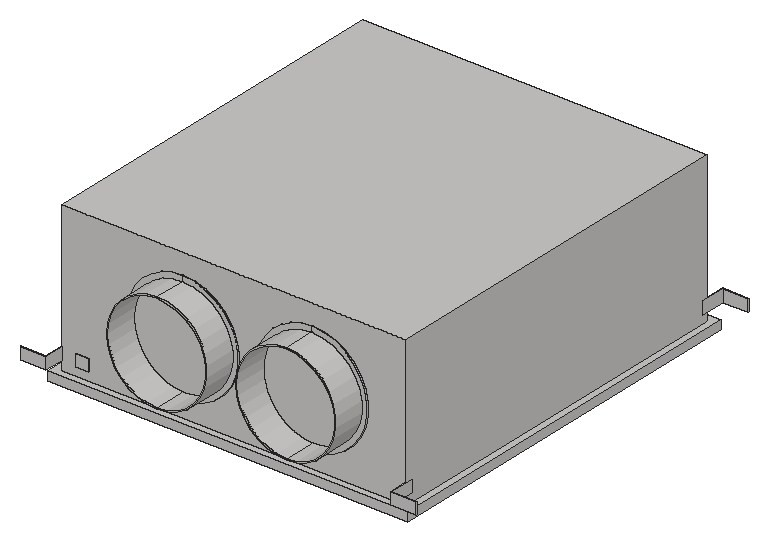
Revit family "Supply_Fan-BroanNutone-Sky-Recovery_Ventilator-ERVS100S", category Mechanical Equipment, host Face, Revit 2019
Family settings
  Host = Face
  Round Connector Dimension = Use Radius
  Part Type = Normal
  OmniClass Number = 23.75.35.17.17
  OmniClass Title = Room Air Circulation Fans
  Cut with Voids When Loaded = Yes
  Shared = No
  Room Calculation Point = No
Parameters (values of type "ERVS100S")
  Width = 20"  # constant formula
  Voltage = 120 V
  Version = ""
  URL = "https://www.broan-nutone.com/en-us"
  Support Phone = "(224) 699-9545"  # constant formula
  Support Email = "mailto:support@anguleris.com"
  Product Page URL = "https://www.broan-nutone.com/en-us/product/freshairsystems/ervs100s"
  Product Name = "Broan® Sky Series Energy Recovery Ventilator, 105 CFM at 0.4 in. w.g."  # constant formula
  Product Documentation Link = "https://www.broan-nutone.com/getmedia/86211a12-c0e0-4f30-97a9-49896e43eab2/Spec-Sheet-ERVS100S.pdf?ext=.pdf"
  Power Factor = 1
  Phase = 1
  Offset [instance] = 6"
  Number of Poles = 1
  Model = "ERVS100S"
  Material = ""
  Manufacturer Phone Number = "800-558-1711"  # constant formula
  Manufacturer Contact Information = "mailto:info@broan-nutone.com"
  Manufacturer Address = "926 W State St, Hartford, WI 53027"  # constant formula
  Manufacturer = "Broan"  # constant formula
  Length = 21 7/8"  # constant formula
  Frequency = 60 Hz
  Fan Wattage = 46 W
  Fan Body Finish = Metal - Broan NuTone - Stainless Steel
  Exhaust Radius = Exhaust Diameter / 2  # 3"
  Exhaust Diameter = 6"  # constant formula
  Supply Connector = "Supply Connection"  # constant formula
  Electrical Connector = "Electrical Connection"  # constant formula
  Description = "Broan® Sky Series Energy Recovery Ventilator, 105 CFM at 0.4 in. w.g."  # constant formula
  Default Elevation = 0"
  Copyright = "Copyright © 2021 Broan-NuTone, LLC. All Rights Reserved"  # constant formula
  Assembly Code = "E1090900"
  Air Volume = 64 CFM
Reference planes (in)
  plane 1 "Center (Front/Back)": y = 0
  plane 2 "Bottom (Ceiling)": z = 0
  plane 3 "Center (Left/Right)": x = 0
  plane 4 "Left": x = -10
  plane 5 "Right": x = 10
  plane 6 "Front": y = -10.9375
  plane 7 "Back": y = 10.9375
  plane 8 "Top": z = 6
  plane 9 "Bottom": z = 15.125
  plane 10 "Supply (Back)": x = 1.6516
  plane 11: y = 12.84375
  plane 12: y = -12.84375
  plane 13 "Supply (Front)": x = 1.07522
  plane 14: x = -1.93087
  plane 15: x = 4.08132
Forms (in)
  Extrusion 1, solid, material "Metal - Broan NuTone - Stainless Steel", detail levels fine
    sketch origin (0, 0, 0) x (1, 0, 0) y (0, 1, 0)
      loop
        line (10, 10.9375) -> (-10, 10.9375) -> (-10, -10.9375) -> (10, -10.9375) -> (10, 10.9375)
    from 6 to 15.125
  Extrusion 2, solid, material "Metal - Broan NuTone - Stainless Steel" <- "Fan Body Finish", detail levels fine
    sketch origin (0, 0, 0) x (1, 0, 0) y (0, 1, 0)
      loop
        line (10.4375, 11.375) -> (-10.4375, 11.375) -> (-10.4375, -11.375) -> (10.4375, -11.375) -> (10.4375, 11.375)
    from 6 to 6.5
  Revolve 3, solid, material "Metal - Broan NuTone - Stainless Steel" <- "Fan Body Finish"
    sketch origin (4.58132, 0, 0) x (0, 1, 0) y (0, 0, 1)
      loop
        line (11, 13.95283) -> (10.9375, 13.95283) -> (10.9375, 13.57534) -> (12.84375, 13.57534) -> (12.84375, 13.63784) -> (11, 13.63784) -> (11, 13.95283)
      axis (10.9375, 10.7201) -> (12.84375, 10.7201)
    angle from 0 to 360
  Revolve 4, solid, material "Metal - Broan NuTone - Stainless Steel" <- "Fan Body Finish"
    sketch origin (4.58132, 0, 0) x (0, -1, 0) y (0, 0, 1)
      loop
        line (11, 13.95283) -> (10.9375, 13.95283) -> (10.9375, 13.57534) -> (12.84375, 13.57534) -> (12.84375, 13.63784) -> (11, 13.63784) -> (11, 13.95283)
      axis (10.9375, 10.7201) -> (12.84375, 10.7201)
    angle from 0 to 360
  Revolve 5, solid, material "Metal - Broan NuTone - Stainless Steel" <- "Fan Body Finish"
    sketch origin (-2.93087, 0, 0) x (0, 1, 0) y (0, 0, 1)
      loop
        line (11, 13.95283) -> (10.9375, 13.95283) -> (10.9375, 13.57534) -> (12.84375, 13.57534) -> (12.84375, 13.63784) -> (11, 13.63784) -> (11, 13.95283)
      axis (10.9375, 10.7201) -> (12.84375, 10.7201)
    angle from 0 to 360
  Revolve 6, solid, material "Metal - Broan NuTone - Stainless Steel" <- "Fan Body Finish"
    sketch origin (-2.93087, 0, 0) x (0, -1, 0) y (0, 0, 1)
      loop
        line (11, 13.95283) -> (10.9375, 13.95283) -> (10.9375, 13.57534) -> (12.84375, 13.57534) -> (12.84375, 13.63784) -> (11, 13.63784) -> (11, 13.95283)
      axis (10.9375, 10.7201) -> (12.84375, 10.7201)
    angle from 0 to 360
  Extrusion 7, solid, material "Metal - Broan NuTone - Stainless Steel" <- "Fan Body Finish", detail levels fine
    sketch origin (0, 0.375, 0) x (1, 0, 0) y (0, 1, 0)
      loop
        line (-10, -10.9375) -> (-10.04759, -10.9375) -> (-10.04759, -12.38186) -> (-11.5, -12.38186) -> (-11.5, -12.4375) -> (-10, -12.4375) -> (-10, -10.9375)
    from 7.00309 to 7.69882
  Extrusion 8, solid, material "Metal - Broan NuTone - Stainless Steel" <- "Fan Body Finish", detail levels fine
    sketch origin (0, 0.375, 0) x (-1, 0, 0) y (0, -1, 0)
      loop
        line (-10, 10.9375) -> (-10, 12.4375) -> (-11.5, 12.4375) -> (-11.5, 12.38186) -> (-10.04759, 12.38186) -> (-10.04759, 10.9375) -> (-10, 10.9375)
    from 7.00309 to 7.69882
  Extrusion 9, solid, material "Metal - Broan NuTone - Stainless Steel" <- "Fan Body Finish", detail levels fine
    sketch origin (0, -0.375, 0) x (1, 0, 0) y (0, 1, 0)
      loop
        line (-10, 10.9375) -> (-10, 12.4375) -> (-11.5, 12.4375) -> (-11.5, 12.38186) -> (-10.04759, 12.38186) -> (-10.04759, 10.9375) -> (-10, 10.9375)
    from 7.00309 to 7.69882
  Extrusion 10, solid, material "Metal - Broan NuTone - Stainless Steel" <- "Fan Body Finish", detail levels fine
    sketch origin (0, -0.375, 0) x (-1, 0, 0) y (0, -1, 0)
      loop
        line (-10, -10.9375) -> (-10.04759, -10.9375) -> (-10.04759, -12.38186) -> (-11.5, -12.38186) -> (-11.5, -12.4375) -> (-10, -12.4375) -> (-10, -10.9375)
    from 7.00309 to 7.69882
  Extrusion 11, solid, material "Metal - Broan NuTone - Stainless Steel" <- "Fan Body Finish", detail levels coarse+medium
    sketch origin (0, 0, 0) x (1, 0, 0) y (0, 1, 0)
      loop
        line (10.4375, 11.375) -> (-10.4375, 11.375) -> (-10.4375, -11.375) -> (10.4375, -11.375) -> (10.4375, 11.375)
    from 6 to 15.125
  Extrusion 12, solid, material "Metal - Broan NuTone - Stainless Steel" <- "Fan Body Finish"
    sketch origin (0, 0, 0) x (1, 0, 0) y (0, 1, 0)
      loop
        line (-9.14808, -10.625) -> (-9.14808, -11) -> (-8.39808, -11) -> (-8.39808, -10.625) -> (-9.14808, -10.625)
    from 7.00309 to 7.69882
Lines and regions (in)
  symbolic lines
    curve 1: line (-1.3423, 10.9375, 0) -> (-7.35449, 10.9375, 0)
    curve 2: line (-7.93087, -10.9375, 0) -> (-1.91868, -10.9375, 0)
Dimensions and locks (in)
  equal spacing: plane 6 "Front", plane 1 "Center (Front/Back)", plane 7 "Back"
  "Length": plane 6 "Front" to plane 7 "Back"
  equal spacing: plane 4 "Left", plane 3 "Center (Left/Right)", plane 5 "Right"
  "Width": plane 4 "Left" to plane 5 "Right"
  plane 3 "Center (Left/Right)" to plane 13 "Supply (Front)" to plane 10 "Supply (Back)" = 1.07522" locked, 0.57638" locked
  locked: plane 6 "Front" to plane 12 at 1.90625
  plane 9 "Bottom" to plane 8 "Top" = 9 1/8"  (x2)
  "Offset": plane 8 "Top" to level
  locked: plane 7 "Back" to plane 11 at 1.90625
  locked: Extrusion 7 to Extrusion 8 at 23
  locked: Extrusion 7 to Extrusion 8 at 20.09519
  locked: Extrusion 9 to Extrusion 10 at 23
  locked: Extrusion 9 to Extrusion 10 at 20.09519
  locked: Extrusion 9 to Extrusion 10 at 20
  locked: Extrusion 2 to plane 8 "Top" at 0.5
  Extrusion 8 to Extrusion 7 to Extrusion 12 to Extrusion 8 to Extrusion 7 to Extrusion 12 to plane 8 "Top" = 0" locked, 0" locked, 0.69573" locked, 0" locked, 0" locked, 1.00309" locked
  Extrusion 9 to Extrusion 9 to plane 8 "Top" = 0.69573" locked, 1.00309" locked
  Extrusion 10 to Extrusion 10 to plane 8 "Top" = 0.69573" locked, 1.00309" locked
  aligned and locked: plane 2 "Bottom (Ceiling)" to host face
  aligned and locked: level to host face
  aligned and locked: Extrusion 1 sketch curve to plane 7 "Back"
  aligned and locked: Extrusion 1 sketch curve to plane 4 "Left"
  aligned and locked: plane 5 "Right" to Extrusion 1 sketch curve
  aligned and locked: plane 6 "Front" to Extrusion 1 sketch curve
  aligned and locked: plane 9 "Bottom" to Extrusion 1
  aligned and locked: Extrusion 1 to plane 8 "Top"
  aligned and locked: Revolve 3 to plane 11
  aligned and locked: Revolve 5 to plane 11
  aligned and locked: Revolve 6 to plane 12
  aligned and locked: Revolve 4 to plane 12
  aligned and locked: plane 6 "Front" to Revolve 4
  aligned and locked: plane 6 "Front" to Revolve 6
  aligned and locked: Revolve 3 to plane 7 "Back"
  aligned and locked: Revolve 5 to plane 7 "Back"
  aligned and locked: plane 9 "Bottom" to Extrusion 11
  aligned and locked: Extrusion 11 to plane 8 "Top"
  aligned and locked: Extrusion 2 to plane 8 "Top"
Automatic sketch dimensions
  curve 2 to plane 6 "Front" = 0"
  plane 7 "Back" to curve 1 = 0"
  plane 4 "Left" to curve 2 = 2.06913"
  plane 4 "Left" to curve 1 = 2.64551"
  curve 2 to plane 14 = 0.01219"
  curve 1 to plane 14 = 0.58857"
  host sketch curve to host sketch curve = 24"  (x2)
  Extrusion 2 sketch curve to plane 4 "Left" = 7/16"
  Extrusion 2 sketch curve to plane 5 "Right" = 7/16"
  Extrusion 2 sketch curve to plane 6 "Front" = 7/16"
  Extrusion 2 sketch curve to plane 7 "Back" = 7/16"
  Revolve 3 sketch curve to plane 7 "Back" = 0"  (x2)
  Revolve 3 sketch curve to plane 11 = 0"
  plane 7 "Back" to Revolve 3 sketch curve = 1/16"
  plane 9 "Bottom" to Revolve 3 sketch curve = 1.54966"
  Revolve 3 sketch curve to Revolve 3 sketch curve = 1/16"
  Revolve 3 sketch curve to Revolve 3 sketch curve = 0.31499"
  plane 11 to Revolve 3 sketch curve = 1.73044"
  Revolve 3 sketch curve to Revolve 3 sketch curve = 2.85524"
  Revolve 4 sketch curve to plane 6 "Front" = 0"  (x2)
  Revolve 4 sketch curve to plane 12 = 0"
  Revolve 4 sketch curve to plane 6 "Front" = 1/16"
  Revolve 4 sketch curve to plane 9 "Bottom" = 1.54966"
  Revolve 4 sketch curve to Revolve 4 sketch curve = 1/16"
  Revolve 4 sketch curve to Revolve 4 sketch curve = 0.31499"
  Revolve 4 sketch curve to plane 12 = 0.1863"
  Revolve 4 sketch curve to Revolve 4 sketch curve = 2.85524"
  Revolve 5 sketch curve to plane 7 "Back" = 0"  (x2)
  Revolve 5 sketch curve to plane 11 = 0"
  plane 7 "Back" to Revolve 5 sketch curve = 1/16"
  plane 9 "Bottom" to Revolve 5 sketch curve = 1.54966"
  Revolve 5 sketch curve to Revolve 5 sketch curve = 1/16"
  Revolve 5 sketch curve to Revolve 5 sketch curve = 0.31499"
  plane 11 to Revolve 5 sketch curve = 1.73044"
  Revolve 5 sketch curve to Revolve 5 sketch curve = 2.85524"
  Revolve 6 sketch curve to plane 6 "Front" = 0"  (x2)
  Revolve 6 sketch curve to plane 12 = 0"
  Revolve 6 sketch curve to plane 6 "Front" = 1/16"
  Revolve 6 sketch curve to plane 9 "Bottom" = 1.54966"
  Revolve 6 sketch curve to Revolve 6 sketch curve = 1/16"
  Revolve 6 sketch curve to Revolve 6 sketch curve = 0.31499"
  Revolve 6 sketch curve to plane 12 = 0.1863"
  Revolve 6 sketch curve to Revolve 6 sketch curve = 2.85524"
  plane 6 "Front" to Extrusion 7 sketch curve = 3/8"
  Extrusion 7 sketch curve to plane 4 "Left" = 0"
  Extrusion 7 sketch curve to plane 4 "Left" = 0.04759"
  Extrusion 7 sketch curve to plane 12 = 0.83689"
  Extrusion 7 sketch curve to Extrusion 7 sketch curve = 1.45241"
  Extrusion 7 sketch curve to Extrusion 7 sketch curve = 0.05564"
  Extrusion 8 sketch curve to plane 6 "Front" = 3/8"
  Extrusion 8 sketch curve to plane 5 "Right" = 0"
  Extrusion 8 sketch curve to Extrusion 8 sketch curve = 0.04759"
  plane 12 to Extrusion 8 sketch curve = 0.83689"
  Extrusion 8 sketch curve to Extrusion 8 sketch curve = 1.45241"
  Extrusion 8 sketch curve to Extrusion 8 sketch curve = 0.05564"
  Extrusion 9 sketch curve to plane 7 "Back" = 3/8"
  Extrusion 9 sketch curve to plane 4 "Left" = 0"
  Extrusion 9 sketch curve to Extrusion 9 sketch curve = 0.04759"
  Extrusion 9 sketch curve to plane 11 = 0.83689"
  Extrusion 9 sketch curve to Extrusion 9 sketch curve = 1.45241"
  Extrusion 9 sketch curve to Extrusion 9 sketch curve = 0.05564"
  plane 7 "Back" to Extrusion 10 sketch curve = 3/8"
  Extrusion 10 sketch curve to plane 5 "Right" = 0"
  Extrusion 10 sketch curve to Extrusion 10 sketch curve = 0.04759"
  plane 11 to Extrusion 10 sketch curve = 0.83689"
  Extrusion 10 sketch curve to Extrusion 10 sketch curve = 1.45241"
  Extrusion 10 sketch curve to Extrusion 10 sketch curve = 0.05564"
  Extrusion 11 sketch curve to plane 4 "Left" = 7/16"
  Extrusion 11 sketch curve to plane 5 "Right" = 7/16"
  Extrusion 11 sketch curve to plane 6 "Front" = 7/16"
  Extrusion 11 sketch curve to plane 7 "Back" = 7/16"
  plane 6 "Front" to Extrusion 12 sketch curve = 5/16"
  plane 4 "Left" to Extrusion 12 sketch curve = 0.85192"
  Extrusion 12 sketch curve to Extrusion 12 sketch curve = 3/4"
  Extrusion 12 sketch curve to plane 6 "Front" = 1/16"
Connectors (in)
  electrical at (10, 0, 10.5625), driven by "Number of Poles", driven by "Voltage", driven by "Power Factor", driven by "Electrical Connector"
    settings: on Extrusion 1, index 3, voltage 120 V, apparent load 0 VA, apparent load phase1 0 VA, apparent load phase2 0 VA, apparent load phase3 0 VA, power factor 1, load classification "HVAC", number of poles 1, system type 31, power factor state 1, is connector primary yes, connector utility no, sub classification motor no, connector description "Electrical Connection"
  hvac at (-2.93087, -12.84375, 10.7201), driven by "Air Volume"
    settings: on Revolve 6, index 5, duct flow 64 CFM, flow factor 0, pres drop 0.00 in-wg, loss coef 0, conn angle 0.00°, conn width 12", conn height 12", conn diameter 6", duct sys type 3, conn prof type 0, flow config 0, flow direction 1, loss method 0, conn ref index -1, conn util no, is conn primary yes, conn desc "Exhaust Air"
  hvac at (4.58132, -12.84375, 10.7201), driven by "Air Volume"
    settings: on Revolve 4, index 6, duct flow 64 CFM, flow factor 0, pres drop 0.00 in-wg, loss coef 0, conn angle 0.00°, conn width 12", conn height 12", conn diameter 6", duct sys type 1, conn prof type 0, flow config 0, flow direction 2, loss method 0, conn ref index -1, conn util no, is conn primary no, conn desc "Return Air"
  hvac at (4.58132, 12.84375, 10.7201), driven by "Air Volume"
    settings: on Revolve 3, index 7, duct flow 64 CFM, flow factor 0, pres drop 0.00 in-wg, loss coef 0, conn angle 0.00°, conn width 12", conn height 12", conn diameter 6", duct sys type 3, conn prof type 0, flow config 0, flow direction 0, loss method 0, conn ref index -1, conn util no, is conn primary no, conn desc "Exhaust Air"
  hvac at (-2.93087, 12.84375, 10.7201), driven by "Air Volume"
    settings: on Revolve 5, index 8, duct flow 64 CFM, flow factor 0, pres drop 0.00 in-wg, loss coef 0, conn angle 0.00°, conn width 12", conn height 12", conn diameter 6", duct sys type 2, conn prof type 0, flow config 0, flow direction 0, loss method 0, conn ref index -1, conn util no, is conn primary no, conn desc "Return Air"
